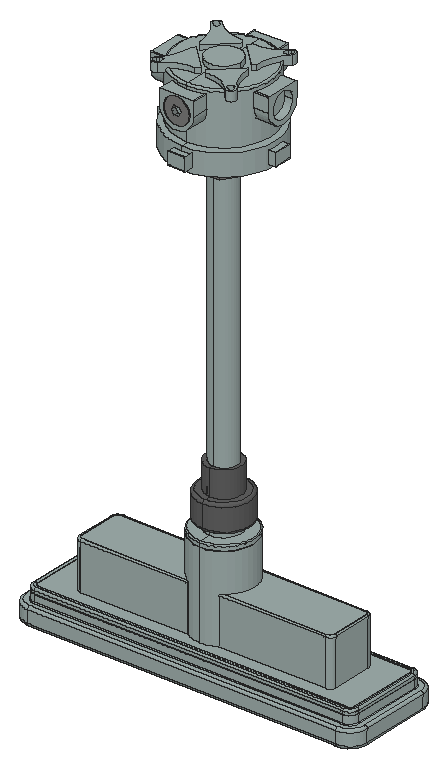
Revit family "EGLL2040-119A^22", category 照明器具, Revit 2020
Family settings
  丸型コネクタ寸法 = 直径を使用
  パーツ タイプ = 標準
  作業面ベース = はい
  常に垂直 = いいえ
  ロード時にボイドで切り取り = いいえ
  光源 = いいえ
  共有 = いいえ
  部屋計算ポイント = はい
Parameters
  既定の高さ = 1219.2 mm
  電源種別_記号 = "AC"
  電源種別 = "一般"
  製造元 = "伊東電機株式会社(ITO DENKI CO.,LTD.)"
  製品質量 = 7.60 kg
  色温度 = "5000"
  形式2 = ""
  形式1 = "パイプ吊形"
  平均演色評価数(Ra) = 83
  定格消費電力（200V時最大） = 0 W
  定格消費電力（200V時平均） = 36 W
  定格光束(lm) = 6020 lm
  呼称 = ""
  仕上色 = マンセル7.5BG6/1.5
  光源寿命 = "60000"
  仕様 = ""
  ランプの種類 = "LED"
  カタログ番号 = "HS001105"
  Width = 0 mm
  Height = 0 mm
  Depth = 0 mm
  Clearance Top = 0 mm
  Clearance Right = 0 mm
  Clearance Left = 0 mm
  Clearance Front = 0 mm
  Clearance Bottom = 0 mm
  Clearance Back = 0 mm
Reference planes
  plane 1 "中心(正面/背面)": y = 0
  plane 2: z = 0
  plane 3 "中心(左/右)": x = 0
  plane 4: x = 199
  plane 5: x = -199
  plane 6: y = -60.5
  plane 7: y = 60.5
  plane 8: y = -30
  plane 9: y = 30
  plane 10: x = 10
  plane 11: x = -10
  plane 12: y = 28
  plane 13: y = -28
  plane 14: x = -147
  plane 15: x = 147
  plane 16: z = 630
  plane 17: z = 603
  plane 18: z = 563
  plane 19: z = 538
Forms (mm)
  Extrusion 1, solid, material "強化ガラスt5"
    sketch origin (0, 0, 0) x (1, 0, 0) y (0, 1, 0)
      loop
        arc (-179, 50.5) -> (-186.071, 47.571) -> (-189, 40.5) r 10
        line (-189, 40.5) -> (-189, -40.5)
        arc (-189, -40.5) -> (-186.071, -47.571) -> (-179, -50.5) r 10
        line (-179, -50.5) -> (179, -50.5)
        arc (179, -50.5) -> (186.071, -47.571) -> (189, -40.5) r 10
        line (189, -40.5) -> (189, 40.5)
        arc (189, 40.5) -> (186.071, 47.571) -> (179, 50.5) r 10
        line (179, 50.5) -> (-179, 50.5)
    from 0 to 5
  Sweep 2, solid, material "マンセル7.5BG6/1.5" <- "仕上色"
    path origin (0, 0, 0) x (1, 0, 0) y (0, 1, 0)
      loop
        arc (-179, 60.5) -> (-193.142, 54.642) -> (-199, 40.5) r 20
        line (-199, 40.5) -> (-199, -40.5)
        arc (-199, -40.5) -> (-193.142, -54.642) -> (-179, -60.5) r 20
        line (-179, -60.5) -> (179, -60.5)
        arc (179, -60.5) -> (193.142, -54.642) -> (199, -40.5) r 20
        line (199, -40.5) -> (199, 40.5)
        arc (199, 40.5) -> (193.142, 54.642) -> (179, 60.5) r 20
        line (179, 60.5) -> (-179, 60.5)
    profile origin (0, 60.5, 0) x (0, 1, 0) y (0, 0, 1)
      loop
        arc (-3, 0) -> (-0.879, 0.879) -> (0, 3) r 3
        line (0, 3) -> (0, 17)
        arc (0, 17) -> (-0.879, 19.121) -> (-3, 20) r 3
        line (-3, 20) -> (-9, 20)
        arc (-9, 20) -> (-9.707, 20.293) -> (-10, 21) r 1
        line (-10, 21) -> (-10, 29) -> (-11, 29) -> (-11, 30) -> (-10, 30) -> (-10, 32.964)
        arc (-10, 32.964) -> (-10.596, 34.404) -> (-12.036, 35) r 2.036
        line (-12.036, 35) -> (-15, 35) -> (-15, 5) -> (-10, 5) -> (-10, 0) -> (-3, 0)
  Extrusion 3, solid, material "マンセル7.5BG6/1.5" <- "仕上色"
    sketch origin (0, 0, 0) x (1, 0, 0) y (0, 1, 0)
      loop
        arc (-179, 45.5) -> (-182.536, 44.036) -> (-184, 40.5) r 5
        line (-184, 40.5) -> (-184, -40.5)
        arc (-184, -40.5) -> (-182.536, -44.036) -> (-179, -45.5) r 5
        line (-179, -45.5) -> (179, -45.5)
        arc (179, -45.5) -> (182.536, -44.036) -> (184, -40.5) r 5
        line (184, -40.5) -> (184, 40.5)
        arc (184, 40.5) -> (182.536, 44.036) -> (179, 45.5) r 5
        line (179, 45.5) -> (-179, 45.5)
    from 30 to 35
  Revolve 4, solid, material "マンセル7.5BG6/1.5" <- "仕上色"
    sketch origin (0, 0, 0) x (0, 1, 0) y (0, 0, 1)
      loop
        line (0, 536) -> (0, 35) -> (35, 35) -> (35, 134) -> (34.2, 134) -> (34.2, 135) -> (35, 135) -> (35, 139)
        arc (35, 139) -> (34.707, 139.707) -> (34, 140) r 1
        line (34, 140) -> (20, 140) -> (20, 163.833) -> (15, 163.833) -> (15, 536) -> (0, 536)
      axis (0, 35) -> (0, 536)
    angle from 0 to 360
  Extrusion 5, solid, material "マンセル7.5BG6/1.5" <- "仕上色"
    sketch origin (0, 0, 0) x (1, 0, 0) y (0, 1, 0)
      loop
        line (18.028, 28) -> (18.028, -28) -> (142, -28)
        arc (142, -28) -> (145.536, -26.536) -> (147, -23) r 5
        line (147, -23) -> (147, 23)
        arc (147, 23) -> (145.536, 26.536) -> (142, 28) r 5
        line (142, 28) -> (18.028, 28)
      loop
        line (-18.028, 28) -> (-142, 28)
        arc (-142, 28) -> (-145.536, 26.536) -> (-147, 23) r 5
        line (-147, 23) -> (-147, -23)
        arc (-147, -23) -> (-145.536, -26.536) -> (-142, -28) r 5
        line (-142, -28) -> (-18.028, -28) -> (-18.028, 28)
    from 35 to 90
  Revolve 6, solid, material "橡膠、黑色"
    sketch origin (0, 0, -26.167) x (0, 1, 0) y (0, 0, 1)
      loop
        line (30, 177.167) -> (30, 203.167)
        arc (30, 203.167) -> (29.121, 205.288) -> (27, 206.167) r 3
        line (27, 206.167) -> (20, 206.167) -> (20, 236.167) -> (15, 236.167) -> (15, 201.167) -> (25, 201.167) -> (25, 176.167) -> (29, 176.167)
        arc (29, 176.167) -> (29.707, 176.46) -> (30, 177.167) r 1
      axis (0, 236.167) -> (0, 176.167)
    angle from 0 to 360
  Sweep 7, solid, material "マンセル7.5BG6/1.5" <- "仕上色"
    path origin (0, 0, 0) x (1, 0, 0) y (0, 1, 0)
      loop
        line (18.028, -28) -> (142, -28)
        arc (142, -28) -> (145.536, -26.536) -> (147, -23) r 5
        line (147, -23) -> (147, 23)
        arc (147, 23) -> (145.536, 26.536) -> (142, 28) r 5
        line (142, 28) -> (18.028, 28)
    profile origin (80.014, -28, 0) x (0, 1, 0) y (0, 0, 1)
      loop
        line (0, 35) -> (0, 90)
        arc (0, 90) -> (-1.414, 89.414) -> (-2, 88) r 2
        line (-2, 88) -> (-2, 35) -> (0, 35)
  Sweep 8, solid, material "マンセル7.5BG6/1.5" <- "仕上色"
    path origin (0, 0, 0) x (-1, 0, 0) y (0, 1, 0)
      loop
        line (18.028, -28) -> (142, -28)
        arc (142, -28) -> (145.536, -26.536) -> (147, -23) r 5
        line (147, -23) -> (147, 23)
        arc (147, 23) -> (145.536, 26.536) -> (142, 28) r 5
        line (142, 28) -> (18.028, 28)
    profile origin (-80.014, -28, 0) x (0, -1, 0) y (0, 0, 1)
      loop
        line (0, 35) -> (2, 35) -> (2, 88)
        arc (2, 88) -> (1.414, 89.414) -> (0, 90) r 2
        line (0, 90) -> (0, 35)
  Revolve 9, solid, material "マンセル7.5BG6/1.5" <- "仕上色"
    sketch origin (0, 0, 316) x (0, 1, 0) y (0, 0, 1)
      loop
        line (0, 222) -> (49.5, 222) -> (49.5, 224) -> (50.5, 224) -> (50.5, 222) -> (60.5, 222) -> (60.5, 247) -> (39.178, 247) -> (39.178, 249) -> (54.178, 249) -> (54.178, 307)
        arc (54.178, 307) -> (53.592, 308.414) -> (52.178, 309) r 2
        line (52.178, 309) -> (0, 309) -> (0, 222)
      axis (0, 222) -> (0, 309)
    angle from 0 to 360
  Extrusion 10, solid, material "マンセル7.5BG6/1.5" <- "仕上色"
    sketch origin (0, 0, 316) x (-1, 0, 0) y (0, 0, 1)
      loop
        line (58.5, 242) -> (58.5, 227) -> (68, 227)
        arc (68, 227) -> (68.354, 227.146) -> (68.5, 227.5) r 0.5
        line (68.5, 227.5) -> (68.5, 241.5)
        arc (68.5, 241.5) -> (68.354, 241.854) -> (68, 242) r 0.5
        line (68, 242) -> (58.5, 242)
      loop
        line (-58.338, 242) -> (-68, 242)
        arc (-68, 242) -> (-68.354, 241.854) -> (-68.5, 241.5) r 0.5
        line (-68.5, 241.5) -> (-68.5, 227.5)
        arc (-68.5, 227.5) -> (-68.354, 227.146) -> (-68, 227) r 0.5
        line (-68, 227) -> (-58.338, 227) -> (-58.338, 242)
    from -10 to 10
  Extrusion 11, solid, material "マンセル7.5BG6/1.5" <- "仕上色"
    sketch origin (0, 0, 316) x (0, 1, 0) y (0, 0, 1)
      loop
        line (58.5, 242) -> (58.5, 227) -> (68, 227)
        arc (68, 227) -> (68.354, 227.146) -> (68.5, 227.5) r 0.5
        line (68.5, 227.5) -> (68.5, 241.5)
        arc (68.5, 241.5) -> (68.354, 241.854) -> (68, 242) r 0.5
        line (68, 242) -> (58.5, 242)
      loop
        line (-58.5, 242) -> (-68, 242)
        arc (-68, 242) -> (-68.354, 241.854) -> (-68.5, 241.5) r 0.5
        line (-68.5, 241.5) -> (-68.5, 227.5)
        arc (-68.5, 227.5) -> (-68.354, 227.146) -> (-68, 227) r 0.5
        line (-68, 227) -> (-58.5, 227) -> (-58.5, 242)
    from -10 to 10
  Extrusion 12, solid, material "マンセル7.5BG6/1.5" <- "仕上色"
    sketch origin (0, 0, 316) x (1, 0, 0) y (0, 1, 0)
      loop
        arc (45.975, 41.025) -> (45.975, 45.975) -> (41.025, 45.975) r 3.5
        line (41.025, 45.975) -> (38.904, 43.854)
        arc (38.904, 43.854) -> (38.904, 38.904) -> (43.854, 38.904) r 3.5
        line (43.854, 38.904) -> (45.975, 41.025)
      loop
        arc (39.947, 47.053) -> (24.583, 36.897) -> (6.468, 33.574) r 46.051
        line (6.468, 33.574) -> (2.933, 30.038) -> (30.038, 2.933) -> (33.574, 6.468)
        arc (33.574, 6.468) -> (36.897, 24.583) -> (47.053, 39.947) r 46.051
        arc (47.053, 39.947) -> (47.053, 47.053) -> (39.947, 47.053) r 5.024
      loop
        line (-45.975, 41.025) -> (-43.854, 38.904)
        arc (-43.854, 38.904) -> (-38.904, 38.904) -> (-38.904, 43.854) r 3.5
        line (-38.904, 43.854) -> (-41.025, 45.975)
        arc (-41.025, 45.975) -> (-45.975, 45.975) -> (-45.975, 41.025) r 3.5
      loop
        arc (-39.947, 47.053) -> (-47.053, 47.053) -> (-47.053, 39.947) r 5.024
        arc (-47.053, 39.947) -> (-36.897, 24.583) -> (-33.574, 6.468) r 46.051
        line (-33.574, 6.468) -> (-30.038, 2.933) -> (-2.933, 30.038) -> (-6.468, 33.574)
        arc (-6.468, 33.574) -> (-24.583, 36.897) -> (-39.947, 47.053) r 46.051
      loop
        line (45.975, -41.025) -> (43.854, -38.904)
        arc (43.854, -38.904) -> (38.904, -38.904) -> (38.904, -43.854) r 3.5
        line (38.904, -43.854) -> (41.025, -45.975)
        arc (41.025, -45.975) -> (45.975, -45.975) -> (45.975, -41.025) r 3.5
      loop
        arc (39.947, -47.053) -> (47.053, -47.053) -> (47.053, -39.947) r 5.024
        arc (47.053, -39.947) -> (36.897, -24.583) -> (33.574, -6.468) r 46.051
        line (33.574, -6.468) -> (30.038, -2.933) -> (2.933, -30.038) -> (6.468, -33.574)
        arc (6.468, -33.574) -> (24.583, -36.897) -> (39.947, -47.053) r 46.051
      loop
        arc (-45.975, -41.025) -> (-45.975, -45.975) -> (-41.025, -45.975) r 3.5
        line (-41.025, -45.975) -> (-38.904, -43.854)
        arc (-38.904, -43.854) -> (-38.904, -38.904) -> (-43.854, -38.904) r 3.5
        line (-43.854, -38.904) -> (-45.975, -41.025)
      loop
        arc (-39.947, -47.053) -> (-24.583, -36.897) -> (-6.468, -33.574) r 46.051
        line (-6.468, -33.574) -> (-2.933, -30.038) -> (-30.038, -2.933) -> (-33.574, -6.468)
        arc (-33.574, -6.468) -> (-36.897, -24.583) -> (-47.053, -39.947) r 46.051
        arc (-47.053, -39.947) -> (-47.053, -47.053) -> (-39.947, -47.053) r 5.024
      loop
        circle (0, 0) r 19.483
    from 304 to 314
  Extrusion 13, solid, material "金屬"
    sketch origin (0, 0, 277.5) x (1, 0, 0) y (0, 1, 0)
      loop
        circle (0, 0) r 15
      loop
        line (-11.547, 20) -> (-23.094, 0) -> (-11.547, -20) -> (11.547, -20) -> (23.094, 0) -> (11.547, 20) -> (-11.547, 20)
    from 236.167 to 246.167
  Extrusion 14, solid, material "マンセル7.5BG6/1.5" <- "仕上色"
    sketch origin (0, 0, 292.96) x (1, 0, 0) y (0, 1, 0)
      loop
        circle (0, 0) r 15
      loop
        line (-11.547, 20) -> (-23.094, 0) -> (-11.547, -20) -> (11.547, -20) -> (23.094, 0) -> (11.547, 20) -> (-11.547, 20)
    from 230.707 to 245.04
  Extrusion 15, solid, material "金屬"
    sketch origin (0, -8, 316) x (1, 0, 0) y (0, 0, 1)
      loop
        circle (0, 287) r 15
      loop
        line (-2.887, 292) -> (-5.774, 287) -> (-2.887, 282) -> (2.887, 282) -> (5.774, 287) -> (2.887, 292) -> (-2.887, 292)
    from 55.681 to 60.5
  Extrusion 16, void
    sketch origin (0, -8, 316) x (1, 0, 0) y (0, 0, 1)
      loop
        circle (0, 287) r 15
    from 50.338 to 60.5
  Extrusion 17, solid, material "マンセル7.5BG6/1.5" <- "仕上色"
    sketch origin (0, -8, 316) x (1, 0, 0) y (0, 0, 1)
      loop
        arc (-20, 287) -> (-14.142, 272.858) -> (0, 267) r 20
        arc (0, 267) -> (14.142, 272.858) -> (20, 287) r 20
        line (20, 287) -> (20, 303)
        arc (20, 303) -> (19.707, 303.707) -> (19, 304) r 1
        line (19, 304) -> (-19, 304)
        arc (-19, 304) -> (-19.707, 303.707) -> (-20, 303) r 1
        line (-20, 303) -> (-20, 287)
    from 40.311 to 60.5
  Extrusion 18, void
    sketch origin (0, 8, 316) x (1, 0, 0) y (0, 0, -1)
      loop
        circle (0, -287) r 15
    from 50.338 to 60.5
  Extrusion 19, solid, material "マンセル7.5BG6/1.5" <- "仕上色"
    sketch origin (0, 8, 316) x (1, 0, 0) y (0, 0, -1)
      loop
        line (-20, -287) -> (-20, -303)
        arc (-20, -303) -> (-19.707, -303.707) -> (-19, -304) r 1
        line (-19, -304) -> (19, -304)
        arc (19, -304) -> (19.707, -303.707) -> (20, -303) r 1
        line (20, -303) -> (20, -287)
        arc (20, -287) -> (0, -267) -> (-20, -287) r 20
    from 40.311 to 60.5
  Extrusion 20, void
    sketch origin (8, 0, 316) x (0, 1, 0) y (0, 0, 1)
      loop
        circle (0, 287) r 15
    from 50.338 to 60.5
  Extrusion 21, solid, material "マンセル7.5BG6/1.5" <- "仕上色"
    sketch origin (8, 0, 316) x (0, 1, 0) y (0, 0, 1)
      loop
        arc (-20, 287) -> (0, 267) -> (20, 287) r 20
        line (20, 287) -> (20, 303)
        arc (20, 303) -> (19.707, 303.707) -> (19, 304) r 1
        line (19, 304) -> (-19, 304)
        arc (-19, 304) -> (-19.707, 303.707) -> (-20, 303) r 1
        line (-20, 303) -> (-20, 287)
    from 40.311 to 60.5
  Extrusion 22, void
    sketch origin (-8, 0, 316) x (0, 1, 0) y (0, 0, -1)
      loop
        circle (0, -287) r 15
    from 50.338 to 60.5
  Extrusion 23, solid, material "マンセル7.5BG6/1.5" <- "仕上色"
    sketch origin (-8, 0, 316) x (0, 1, 0) y (0, 0, -1)
      loop
        line (-20, -287) -> (-20, -303)
        arc (-20, -303) -> (-19.707, -303.707) -> (-19, -304) r 1
        line (-19, -304) -> (19, -304)
        arc (19, -304) -> (19.707, -303.707) -> (20, -303) r 1
        line (20, -303) -> (20, -287)
        arc (20, -287) -> (0, -267) -> (-20, -287) r 20
    from 40.311 to 60.5
Cuts and joins
  Extrusion 16, Extrusion 18, Extrusion 20, Extrusion 22 cuts Revolve 9
  Extrusion 16 cuts Extrusion 17
  Extrusion 20 cuts Extrusion 21
  Extrusion 18 cuts Extrusion 19
  Extrusion 22 cuts Extrusion 23
Dimensions and locks
  plane 6 to plane 1 "中心(正面/背面)" to plane 7 = 60.5 mm, 60.5 mm
  plane 6 to plane 7 = 121 mm
  equal spacing: plane 4, plane 3 "中心(左/右)", plane 5
  plane 4 to plane 5 = 398 mm
  plane 16 to level = 630 mm
  plane 16 to plane 17 = 27 mm
  aligned and locked: level to plane 2
Automatic sketch dimensions
  plane 5 to Extrusion 1 sketch curve = 10 mm
  Extrusion 1 sketch curve to Extrusion 1 sketch curve = 10 mm  (x2)
  Extrusion 1 sketch curve to plane 4 = 20 mm  (x2)
  plane 8 to Extrusion 1 sketch curve = 10.5 mm
  Extrusion 1 sketch curve to plane 4 = 10 mm
  Extrusion 1 sketch curve to plane 9 = 10.5 mm
  Sweep 2 sketch curve to plane 5 = 0 mm
  plane 6 to Sweep 2 sketch curve = 0 mm
  plane 7 to Sweep 2 sketch curve = 0 mm
  Sweep 2 sketch curve to plane 4 = 0 mm
  plane 5 to Sweep 2 sketch curve = 20 mm  (x2)
  plane 8 to Sweep 2 sketch curve = 10.5 mm
  Sweep 2 sketch curve to plane 4 = 20 mm
  Sweep 2 sketch curve to level = 0 mm
  Sweep 2 sketch curve to profile plane = 0 mm
  profile plane to Sweep 2 sketch curve = 3 mm
  Sweep 2 sketch curve to Sweep 2 sketch curve = 3 mm
  Sweep 2 sketch curve to Sweep 2 sketch curve = 6 mm
  Sweep 2 sketch curve to Sweep 2 sketch curve = 7 mm
  Sweep 2 sketch curve to Sweep 2 sketch curve = 1 mm  (x3)
  Sweep 2 sketch curve to Sweep 2 sketch curve = 0 mm
  Sweep 2 sketch curve to Sweep 2 sketch curve = 2.036 mm
  Sweep 2 sketch curve to Sweep 2 sketch curve = 2.964 mm  (x2)
  level to Sweep 2 sketch curve = 5 mm
  Sweep 2 sketch curve to Sweep 2 sketch curve = 12 mm
  Sweep 2 sketch curve to Sweep 2 sketch curve = 8 mm
  plane 5 to Extrusion 3 sketch curve = 15 mm
  Extrusion 3 sketch curve to Extrusion 3 sketch curve = 5 mm  (x3)
  Extrusion 3 sketch curve to plane 4 = 20 mm  (x2)
  plane 8 to Extrusion 3 sketch curve = 10.5 mm
  Extrusion 3 sketch curve to plane 9 = 10.5 mm
  Revolve 4 sketch curve to plane 1 "中心(正面/背面)" = 0 mm  (x2)
  Revolve 4 sketch curve to plane 1 "中心(正面/背面)" = 15 mm
  Revolve 4 sketch curve to Revolve 4 sketch curve = 5 mm
  Revolve 4 sketch curve to plane 9 = 4 mm
  Revolve 4 sketch curve to plane 9 = 4.2 mm
  Revolve 4 sketch curve to plane 9 = 5 mm
  Revolve 4 sketch curve to Revolve 4 sketch curve = 0.8 mm
  level to Revolve 4 sketch curve = 35 mm
  Revolve 4 sketch curve to Revolve 4 sketch curve = 99 mm
  Revolve 4 sketch curve to Revolve 4 sketch curve = 1 mm
  Revolve 4 sketch curve to Revolve 4 sketch curve = 4 mm
  Revolve 4 sketch curve to Revolve 4 sketch curve = 23.833 mm
  Revolve 4 sketch curve to plane 19 = 2 mm
  Revolve 4 sketch curve to plane 18 = 7 mm
  plane 18 to Revolve 4 sketch curve = 3 mm
  Extrusion 5 sketch curve to plane 14 = 0 mm
  plane 13 to Extrusion 5 sketch curve = 0 mm  (x2)
  plane 12 to Extrusion 5 sketch curve = 0 mm  (x2)
  Extrusion 5 sketch curve to plane 15 = 0 mm
  plane 12 to Extrusion 5 sketch curve = 5 mm  (x2)
  Extrusion 5 sketch curve to plane 13 = 5 mm  (x2)
  Extrusion 5 sketch curve to plane 11 = 8.028 mm
  plane 10 to Extrusion 5 sketch curve = 8.028 mm
  Revolve 6 sketch curve to plane 1 "中心(正面/背面)" = 0 mm
  Revolve 6 sketch curve to plane 9 = 0 mm
  Revolve 6 sketch curve to plane 1 "中心(正面/背面)" = 15 mm
  Revolve 6 sketch curve to Revolve 6 sketch curve = 5 mm  (x2)
  plane 9 to Revolve 6 sketch curve = 5 mm
  Revolve 6 sketch curve to Revolve 6 sketch curve = 2 mm  (x2)
  plane 9 to Revolve 6 sketch curve = 1 mm
  level to Revolve 6 sketch curve = 150 mm
  Revolve 6 sketch curve to Revolve 6 sketch curve = 24 mm
  Revolve 6 sketch curve to Revolve 6 sketch curve = 30 mm
  Revolve 6 sketch curve to Revolve 6 sketch curve = 6 mm
  Sweep 7 sketch curve to plane 8 = 7 mm
  Sweep 7 sketch curve to plane 4 = 57 mm
  plane 9 to Sweep 7 sketch curve = 2 mm
  Sweep 7 sketch curve to Sweep 7 sketch curve = 0 mm
  Sweep 7 sketch curve to Sweep 7 sketch curve = 5 mm
  plane 10 to Sweep 7 sketch curve = 8.028 mm  (x2)
  Sweep 7 sketch curve to profile plane = 0 mm
  profile plane to Sweep 7 sketch curve = 2 mm
  level to Sweep 7 sketch curve = 35 mm
  Sweep 7 sketch curve to Sweep 7 sketch curve = 53 mm
  plane 8 to Sweep 8 sketch curve = 7 mm
  Sweep 8 sketch curve to plane 5 = 57 mm
  Sweep 8 sketch curve to plane 9 = 2 mm
  Sweep 8 sketch curve to Sweep 8 sketch curve = 0 mm
  Sweep 8 sketch curve to Sweep 8 sketch curve = 5 mm
  plane 11 to Sweep 8 sketch curve = 8.028 mm  (x2)
  Sweep 8 sketch curve to profile plane = 0 mm
  Sweep 8 sketch curve to Sweep 8 sketch curve = 2 mm
  level to Sweep 8 sketch curve = 35 mm
  Sweep 8 sketch curve to Sweep 8 sketch curve = 53 mm
  Revolve 9 sketch curve to plane 1 "中心(正面/背面)" = 0 mm  (x2)
  Revolve 9 sketch curve to plane 18 = 0 mm
  Revolve 9 sketch curve to plane 19 = 0 mm  (x2)
  Revolve 9 sketch curve to plane 7 = 0 mm
  plane 18 to Revolve 9 sketch curve = 2 mm
  Revolve 9 sketch curve to plane 9 = 9.178 mm
  plane 7 to Revolve 9 sketch curve = 11 mm
  Revolve 9 sketch curve to Revolve 9 sketch curve = 1 mm
  plane 7 to Revolve 9 sketch curve = 8.322 mm
  plane 7 to Revolve 9 sketch curve = 6.322 mm
  plane 19 to Revolve 9 sketch curve = 2 mm
  Revolve 9 sketch curve to plane 16 = 7 mm
  plane 16 to Revolve 9 sketch curve = 10 mm
  Revolve 9 sketch curve to Revolve 9 sketch curve = 10 mm
  plane 1 "中心(正面/背面)" to Extrusion 13 sketch curve = 0 mm  (x3)
  Extrusion 13 sketch curve to plane 3 "中心(左/右)" = 0 mm
  Extrusion 13 sketch curve to plane 11 = 1.547 mm  (x2)
  Extrusion 13 sketch curve to plane 11 = 13.094 mm
  plane 10 to Extrusion 13 sketch curve = 1.547 mm  (x2)
  plane 10 to Extrusion 13 sketch curve = 13.094 mm
  Extrusion 13 sketch curve to plane 8 = 10 mm
  plane 9 to Extrusion 13 sketch curve = 10 mm
  plane 1 "中心(正面/背面)" to Extrusion 14 sketch curve = 0 mm  (x3)
  Extrusion 14 sketch curve to plane 3 "中心(左/右)" = 0 mm
  Extrusion 14 sketch curve to plane 11 = 1.547 mm  (x2)
  Extrusion 14 sketch curve to plane 11 = 13.094 mm
  plane 10 to Extrusion 14 sketch curve = 1.547 mm  (x2)
  plane 10 to Extrusion 14 sketch curve = 13.094 mm
  Extrusion 14 sketch curve to plane 8 = 10 mm
  plane 9 to Extrusion 14 sketch curve = 10 mm
  Extrusion 15 sketch curve to plane 17 = 0 mm  (x3)
  Extrusion 15 sketch curve to plane 3 "中心(左/右)" = 0 mm
  Extrusion 15 sketch curve to plane 3 "中心(左/右)" = 2.887 mm  (x2)
  plane 11 to Extrusion 15 sketch curve = 4.226 mm
  plane 3 "中心(左/右)" to Extrusion 15 sketch curve = 2.887 mm  (x2)
  Extrusion 15 sketch curve to plane 10 = 4.226 mm
  Extrusion 15 sketch curve to plane 17 = 5 mm
  plane 17 to Extrusion 15 sketch curve = 5 mm
  Extrusion 16 sketch curve to plane 3 "中心(左/右)" = 0 mm
  Extrusion 16 sketch curve to plane 17 = 0 mm
  Extrusion 18 sketch curve to plane 3 "中心(左/右)" = 0 mm
  Extrusion 18 sketch curve to plane 17 = 0 mm
  Extrusion 19 sketch curve to plane 17 = 0 mm
  Extrusion 19 sketch curve to plane 3 "中心(左/右)" = 0 mm
  Extrusion 19 sketch curve to plane 11 = 9 mm
  Extrusion 19 sketch curve to Extrusion 19 sketch curve = 1 mm  (x2)
  Extrusion 19 sketch curve to plane 16 = 11 mm
  Extrusion 20 sketch curve to plane 1 "中心(正面/背面)" = 0 mm
  Extrusion 20 sketch curve to plane 17 = 0 mm
  Extrusion 21 sketch curve to plane 17 = 0 mm
  Extrusion 21 sketch curve to plane 1 "中心(正面/背面)" = 0 mm
  Extrusion 21 sketch curve to plane 8 = 11 mm
  Extrusion 21 sketch curve to Extrusion 21 sketch curve = 1 mm  (x2)
  Extrusion 21 sketch curve to plane 16 = 11 mm
  Extrusion 22 sketch curve to plane 1 "中心(正面/背面)" = 0 mm
  Extrusion 22 sketch curve to plane 17 = 0 mm
  Extrusion 23 sketch curve to plane 17 = 0 mm
  Extrusion 23 sketch curve to plane 1 "中心(正面/背面)" = 0 mm
  Extrusion 23 sketch curve to plane 8 = 11 mm
  Extrusion 23 sketch curve to Extrusion 23 sketch curve = 1 mm  (x2)
  Extrusion 23 sketch curve to plane 16 = 11 mm
  Extrusion 10 sketch curve to plane 18 = 5.5 mm
  plane 10 to Extrusion 10 sketch curve = 58.5 mm
  Extrusion 10 sketch curve to Extrusion 10 sketch curve = 0.5 mm  (x3)
  Extrusion 10 sketch curve to Extrusion 10 sketch curve = 9.662 mm
  Extrusion 10 sketch curve to plane 18 = 5 mm
  Extrusion 10 sketch curve to plane 11 = 48.5 mm
  Extrusion 10 sketch curve to Extrusion 10 sketch curve = 9.5 mm  (x2)
  plane 19 to Extrusion 10 sketch curve = 5.5 mm  (x2)
  plane 6 to Extrusion 11 sketch curve = 8 mm
  Extrusion 11 sketch curve to Extrusion 11 sketch curve = 0.5 mm  (x3)
  Extrusion 11 sketch curve to plane 6 = 2 mm
  plane 7 to Extrusion 11 sketch curve = 2 mm
  Extrusion 11 sketch curve to plane 7 = 7.5 mm  (x2)
  plane 19 to Extrusion 11 sketch curve = 5 mm  (x2)
  Extrusion 11 sketch curve to plane 18 = 5.5 mm  (x2)
  Extrusion 12 sketch curve to Extrusion 12 sketch curve = 0 mm  (x18)
  plane 1 "中心(正面/背面)" to Extrusion 12 sketch curve = 0 mm
  Extrusion 12 sketch curve to plane 3 "中心(左/右)" = 0 mm
  Extrusion 12 sketch curve to plane 9 = 0.038 mm  (x2)
  Extrusion 12 sketch curve to plane 3 "中心(左/右)" = 2.933 mm  (x2)
  plane 8 to Extrusion 12 sketch curve = 0.038 mm  (x2)
  plane 11 to Extrusion 12 sketch curve = 3.532 mm  (x2)
  plane 11 to Extrusion 12 sketch curve = 2.616 mm  (x2)
  Extrusion 12 sketch curve to plane 1 "中心(正面/背面)" = 2.933 mm  (x2)
  Extrusion 12 sketch curve to plane 11 = 20.038 mm
  plane 1 "中心(正面/背面)" to Extrusion 12 sketch curve = 2.933 mm  (x2)
  plane 1 "中心(正面/背面)" to Extrusion 12 sketch curve = 6.468 mm  (x2)
  Extrusion 12 sketch curve to plane 1 "中心(正面/背面)" = 6.468 mm  (x2)
  plane 8 to Extrusion 12 sketch curve = 13.854 mm  (x2)
  Extrusion 12 sketch curve to plane 11 = 28.904 mm  (x2)
  Extrusion 12 sketch curve to plane 9 = 13.854 mm  (x2)
  Extrusion 12 sketch curve to plane 6 = 14.525 mm  (x2)
  Extrusion 12 sketch curve to Extrusion 12 sketch curve = 2.121 mm  (x12)
  plane 7 to Extrusion 12 sketch curve = 14.525 mm  (x2)
  Extrusion 12 sketch curve to Extrusion 12 sketch curve = 2.475 mm  (x8)
  plane 8 to Extrusion 12 sketch curve = 8.904 mm  (x2)
  Extrusion 12 sketch curve to plane 9 = 8.904 mm  (x2)
  plane 8 to Extrusion 12 sketch curve = 11.025 mm  (x2)
  Extrusion 12 sketch curve to plane 9 = 11.025 mm  (x2)
  Extrusion 12 sketch curve to plane 1 "中心(正面/背面)" = 7.384 mm  (x2)
  Extrusion 12 sketch curve to Extrusion 12 sketch curve = 46.042 mm  (x2)
  plane 1 "中心(正面/背面)" to Extrusion 12 sketch curve = 7.384 mm  (x2)
  plane 3 "中心(左/右)" to Extrusion 12 sketch curve = 2.933 mm  (x2)
  Extrusion 12 sketch curve to plane 10 = 3.532 mm  (x2)
  Extrusion 12 sketch curve to plane 10 = 2.616 mm  (x2)
  plane 10 to Extrusion 12 sketch curve = 20.038 mm
  plane 10 to Extrusion 12 sketch curve = 28.904 mm  (x2)
  plane 6 to Extrusion 12 sketch curve = 19.116 mm
  Extrusion 12 sketch curve to plane 7 = 19.116 mm
  Extrusion 17 sketch curve to plane 17 = 0 mm  (x2)
  Extrusion 17 sketch curve to plane 3 "中心(左/右)" = 0 mm
  Extrusion 17 sketch curve to plane 11 = 9 mm
  plane 10 to Extrusion 17 sketch curve = 9 mm
  Extrusion 17 sketch curve to Extrusion 17 sketch curve = 1 mm
  Extrusion 17 sketch curve to plane 16 = 11 mm
  radius of Extrusion 13 sketch curve = 15 mm
  radius of Extrusion 14 sketch curve = 15 mm
  radius of Extrusion 15 sketch curve = 15 mm
  radius of Extrusion 16 sketch curve = 15 mm
  radius of Extrusion 18 sketch curve = 15 mm
  radius of Extrusion 20 sketch curve = 15 mm
  radius of Extrusion 22 sketch curve = 15 mm
  radius of Extrusion 12 sketch curve = 19.483 mm
Nested families
  nested 1: "EXICL2042ASA9-22_ies" at (-0.035, 0.041, -1500.142), type "EXICL2042ASA9-22_ies"
Connectors
  electrical at (0, 0, 630)
    settings: on Extrusion 12, index 1, voltage 0 V, apparent load 0 VA, apparent load phase1 0 VA, apparent load phase2 0 VA, apparent load phase3 0 VA, power factor 1, load classification "其他", number of poles 1, system type 31, power factor state 1, is connector primary yes, connector utility no, sub classification motor no, connector description ""
Definition of nested family "EXICL2042ASA9-22_ies"
  Parameters (values of type "EXICL022SA9-0_ies")
    Default Elevation = 1219.2 mm
    Wattage = 22.4852 W
    built-in parameter 1150110 = 1 (stored number, unit not read)
    built-in parameter 1114217 = 1 (stored number, unit not read)
    built-in parameter 1150109 = 1 (stored number, unit not read)
    built-in parameter 1150134 = 2
    built-in parameter 1150113 = 1 (stored number, unit not read)
    Lumens = 3340 lm
    built-in parameter 1150115 = 1 (stored number, unit not read)
    built-in parameter 1150105 = 265.79 (stored number, unit not read)
    built-in parameter 1150137 = (empty or 0)
    built-in parameter 1150139 = (empty or 0)
    built-in parameter 1150112 = 1 (stored number, unit not read)
    built-in parameter 1150114 = 1 (stored number, unit not read)
    built-in parameter 1150132 = 2
    built-in parameter 1150102 = (empty or 0)
    built-in parameter 1150138 = (empty or 0)
    built-in parameter 1150107 = 5000 (stored number, unit not read)
    built-in parameter 1150106 = 2.6579 (stored number, unit not read)
    built-in parameter 1150104 = 13.8 (stored number, unit not read)
    Dimming Lamp Color Temperature Shift = (empty or 0)
    Color Filter = 16777215
    built-in parameter 1114218 = 1 (stored number, unit not read)
    built-in parameter 1150133 = 10 (stored number, unit not read)
    Photometric Web File = "EXICL022SA9(S)-0_LED.ies"
    Tilt Angle = 90.00°
  Reference planes
    plane 1 "光源軸(正面/背面)": y = 0
    plane 2: z = 0
    plane 3 "光源軸(左/右)": x = 0
    plane 4 "光源高さ": z = 1500
  Dimensions and locks
    aligned and locked: plane 3 "光源軸(左/右)" to imposter light
    aligned and locked: plane 1 "光源軸(正面/背面)" to imposter light
    aligned and locked: plane 4 "光源高さ" to imposter light
    aligned and locked: level to plane 2
